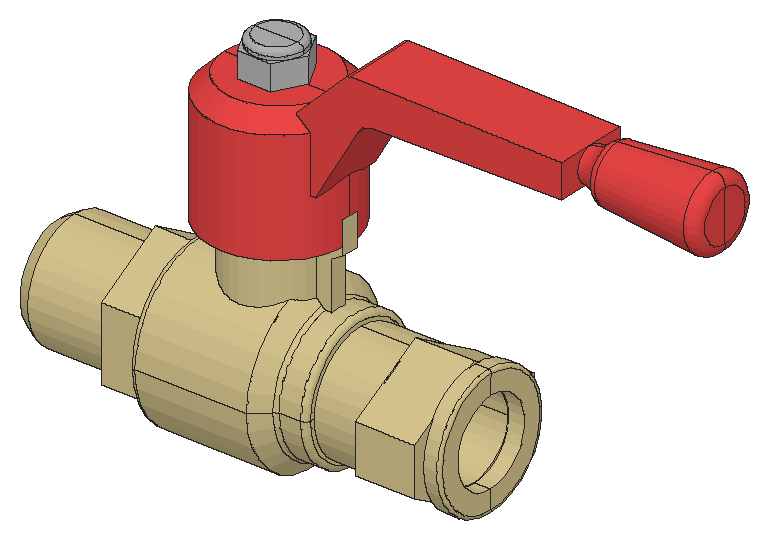
Revit family "QA10770000", category Apparecchi idraulici, Revit 2016
Family settings
  Tipo di parte = Normale
  Quota connettore circolare = Usa diametro
  Numero OmniClass = 23.45.00.00
  Titolo OmniClass = Sanitary, Laundry, and Cleaning Equipment
  Basato su piano di lavoro = No
  Sempre verticale = Sì
  Taglio con vuoti quando caricato = No
  Condiviso = No
  Punto di calcolo locali = No
Parameters
  URL = "https://web.cimberio.it/index.php/figura/1045?subcategoria_id=42864"
  DN Model [instance] = QA10773110 : QA10773110
  DN [instance] = 15 mm
Reference planes
  plane 1 "Centro (Fronte/Retro)": y = 0
  plane 2: z = 0
  plane 3 "Centro (Sinistra/Destra)": x = 0
Dimensions and locks
  aligned and locked: level to plane 2
Nested families
  nested 1: "QA10773110" at (0, 0, 0), type <- "DN Model", type "QA10773110"
    with DN 10 mm
  nested 2: "QA10773110" at (0, 0, 0), type <- "DN Model", type "QA10773110"
    with DN 10 mm
  nested 3: "QA10773110" at (0, 0, 0), type <- "DN Model", type "QA10773110"
    with DN 10 mm
  nested 4: "QA10773110" at (0, 0, 0), type <- "DN Model", type "QA10773110"
    with DN 10 mm
  nested 5: "QA10773110" at (0, 0, 0), type <- "DN Model", type "QA10773110"
    with DN 10 mm
  nested 6: "QA10773110" at (0, 0, 0), type <- "DN Model", type "QA10773110"
    with DN 10 mm
  nested 7: "QA10773110" at (0, 0, 0), type <- "DN Model", type "QA10773110"
    with DN 10 mm
  nested 8: "QA10773110" at (0, 0, 0), type <- "DN Model", type "QA10773110"
    with DN 10 mm
  nested 9: "QA10773110" at (0, 0, 0), type <- "DN Model", type "QA10773110"
    with DN 10 mm
Connectors
  piping at (34.913, -0.021, 0), diameter 15, driven by "DN"
    settings: on nested 1, index 1, connector inside diameter 609.6 mm, connector length 0 mm, flow factor 0, pipe flow 0.0 L/s, pressure drop 0.0 Pa, fitting loss kfactor 0, connector angle 0.00°, fixture units 0, engagement length 0 mm, angle of deflection 0.00°, flow configuration 0, flow direction 0, fitting loss method 0, system type 7, joint type 0, gender type 0, connector reference index -1, connector utility 0, adjustable connector no, is connector primary yes, connector description ""
  piping at (-38.959, 0, 0), diameter 15, driven by "DN"
    settings: on nested 1, index 2, connector inside diameter 609.6 mm, connector length 0 mm, flow factor 0, pipe flow 0.0 L/s, pressure drop 0.0 Pa, fitting loss kfactor 0, connector angle 0.00°, fixture units 0, engagement length 0 mm, angle of deflection 0.00°, flow configuration 0, flow direction 0, fitting loss method 0, system type 7, joint type 0, gender type 0, connector reference index -1, connector utility 0, adjustable connector no, is connector primary no, connector description ""
Definition of nested family "QA10773110"
  Parameters (values of type "QA10773110")
    DN [instance] = 10 mm  # constant formula
  Reference planes
    plane 1 "Centro (Fronte/Retro)": y = 0
    plane 2: z = 0
    plane 3 "Centro (Sinistra/Destra)": x = 0
  Forms (mm)
    Revolve 1, solid
      sketch origin (0, 0, 0) x (1, 0, 0) y (0, 0, 1)
        loop
          line (-0.424, 29.299) -> (-0.424, 11.623) -> (8.009, 11.623) -> (8.009, 21)
          arc (8.009, 21) -> (8.379, 21.291) -> (8.517, 21.742) r 0.786
          line (8.517, 21.742) -> (8.688, 29.299) -> (-0.424, 29.299)
        axis (-0.424, 11.623) -> (-0.424, 29.299)
      angle from 0 to 360
    Extrusion 2, solid
      sketch origin (0, 0, 28.55) x (1, 0, 0) y (0, 1, 0)
        loop
          line (0, 8.66) -> (-7.5, 4.33) -> (-7.5, -4.33) -> (0, -8.66) -> (7.5, -4.33) -> (7.5, 4.33) -> (0, 8.66)
      from 0.749 to 4.75
    Extrusion 3, solid
      sketch origin (0, 0, 28.55) x (1, 0, 0) y (0, 1, 0)
        loop
          circle (0, 0) r 7.5
      from 4.75 to 5.75
    Revolve 4, solid
      sketch origin (0, 0, 0) x (-1, 0, 0) y (0, -1, 0)
        loop
          line (-14.5, -7.5) -> (-14.5, -11)
          arc (-14.5, -11) -> (-14.207, -11.707) -> (-13.5, -12) r 1
          line (-13.5, -12) -> (-9.664, -12)
          arc (-9.664, -12) -> (-9.236, -12.095) -> (-8.888, -12.362) r 1.013
          line (-8.888, -12.362) -> (-6.25, -15) -> (13.6, -15)
          arc (13.6, -15) -> (14.307, -14.707) -> (14.6, -14) r 1
          line (14.6, -14) -> (14.6, -7.5) -> (-14.5, -7.5)
        axis (-14.5, 0) -> (14.6, 0)
      angle from 0 to 360
    Revolve 5, solid
      sketch origin (0, 0, 0) x (-1, 0, 0) y (0, 0, -1)
        loop
          line (-14.139, -10.375) -> (-14.139, -7.5) -> (-24.439, -7.5) -> (-24.439, -10.375) -> (-14.139, -10.375)
        axis (-24.439, 0) -> (-14.139, 0)
      angle from 0 to 360
    Revolve 6, solid
      sketch origin (0, 0, 0) x (1, 0, 0) y (0, 0, 1)
        loop
          line (-21.957, 10.375) -> (-36.448, 10.375) -> (-38.959, 8.937) -> (-38.959, 7.5) -> (-21.957, 7.5) -> (-21.957, 10.375)
        axis (-38.959, 0) -> (-21.957, 0)
      angle from 0 to 360
    Extrusion 7, solid
      sketch origin (0, 0, 0) x (0, 1, 0) y (0, 0, -1)
        loop
          circle (0, 0) r 7.5
        loop
          line (0, -13.5) -> (12, -6.572) -> (12, 6.572) -> (0, 13.5) -> (-12, 6.572) -> (-12, -6.572) -> (0, -13.5)
      from 14.6 to 21.957
    Revolve 8, solid
      sketch origin (-0.218, 0, 0) x (-1, 0, 0) y (0, 0, -1)
        loop
          line (-35.13, -11.5) -> (-35.13, -7.5) -> (-38.13, -7.5) -> (-38.13, -10.883)
          arc (-38.13, -10.883) -> (-37.998, -11.287) -> (-37.63, -11.5) r 0.596
          line (-37.63, -11.5) -> (-35.13, -11.5)
        axis (-38.13, 0) -> (-35.13, 0)
      angle from 0 to 360
    Extrusion 9, solid
      sketch origin (0, 0, 0) x (-1, 0, 0) y (0, 0, -1)
        loop
          line (-12.643, -27.288) -> (-7.86, -27.288) -> (-7.86, -10.345) -> (-10.643, -10.345) -> (-10.643, -20.345) -> (-12.643, -21.5) -> (-12.643, -27.288)
      from -1.5 to 1.5
    Extrusion 10, solid
      sketch origin (1, 0, 0) x (0, 1, 0) y (0, 0, 1)
        loop
          circle (0, 0) r 7.5
        loop
          line (0, 11.9) -> (-13.248, 4.251) -> (-13.248, -4.251) -> (0, -11.9) -> (13.186, -4.287) -> (13.186, 4.287) -> (0, 11.9)
      from 23.413 to 33.913
    Revolve 11, solid
      sketch origin (0, 0, 0) x (1, 0, 0) y (0, 0, 1)
        loop
          line (0, 45.8) -> (-9.607, 45.8) -> (-12.607, 42.8) -> (-12.607, 22.8) -> (-5.181, 22.8) -> (-5.181, 35.184) -> (0, 35.184) -> (0, 45.8)
        axis (0, 45.8) -> (0, 22.8)
      angle from 0 to 360
    Extrusion 12, solid
      sketch origin (0, 0, 0) x (1, 0, 0) y (0, 0, 1)
        loop
          line (17.344, 54.002) -> (8.478, 45.135) -> (9.992, 32.8) -> (11.893, 32.8) -> (19.553, 46.069)
          arc (19.553, 46.069) -> (20.453, 46.976) -> (21.684, 47.32) r 2.5
          line (21.684, 47.32) -> (55.643, 47.8) -> (55.643, 53.8) -> (18.065, 54.294)
          arc (18.065, 54.294) -> (17.675, 54.221) -> (17.344, 54.002) r 1
      from -6.5 to 6.5
    Revolve 13, solid
      sketch origin (0, 0, 0) x (1, 0, 0) y (0, 0, 1)
        loop
          line (55.643, 50.8) -> (79.643, 50.8) -> (79.643, 55.307)
          arc (79.643, 55.307) -> (78.996, 56.779) -> (77.475, 57.3) r 2
          line (77.475, 57.3) -> (60.453, 55.868)
          arc (60.453, 55.868) -> (59.769, 55.693) -> (59.195, 55.282) r 1.915
          arc (59.195, 55.282) -> (57.574, 54.17) -> (55.643, 53.8) r 4.805
          line (55.643, 53.8) -> (55.643, 50.8)
        axis (55.643, 50.8) -> (79.643, 50.8)
      angle from 0 to 360
    Revolve 14, solid
      sketch origin (0, 0, 0) x (1, 0, 0) y (0, 0, 1)
        loop
          line (-0.357, 51.8) -> (-0.357, 50) -> (4.393, 50) -> (4.393, 50.8)
          arc (4.393, 50.8) -> (4.1, 51.507) -> (3.393, 51.8) r 1
          line (3.393, 51.8) -> (-0.357, 51.8)
        axis (-0.357, 50) -> (-0.357, 51.8)
      angle from 0 to 360
    Extrusion 15, solid
      sketch origin (0, 0, 28.55) x (1, 0, 0) y (0, 1, 0)
        loop
          line (-6.131, 0) -> (-3.244, -5) -> (2.529, -5) -> (5.416, 0) -> (2.529, 5) -> (-3.244, 5) -> (-6.131, 0)
      from 17.25 to 21.75
  Dimensions and locks
    aligned and locked: level to plane 2
